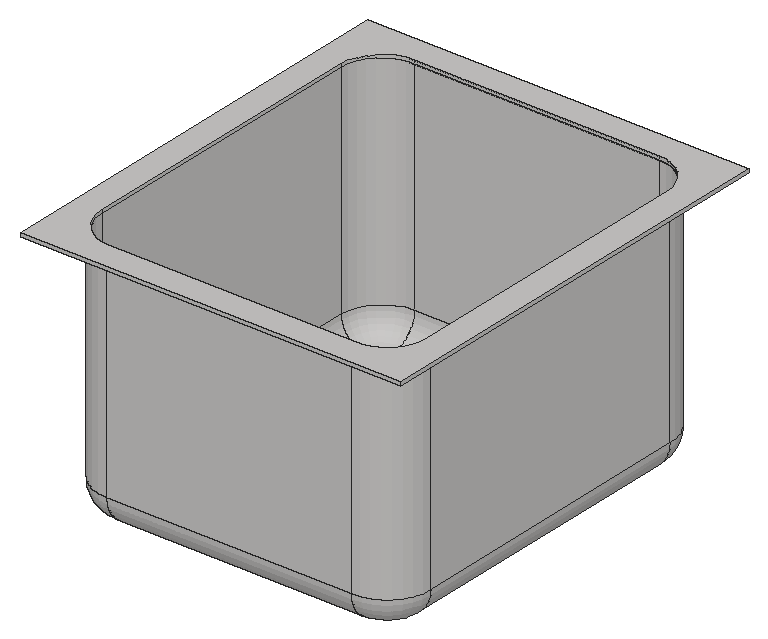
Revit family "QF_Vollrath_12101-1", category Specialty Equipment, Revit 2016
Family settings
  Part Type = Normal
  Round Connector Dimension = Use Diameter
  OmniClass Number = 23.40.40.14.31
  OmniClass Title = Cleaning and Disposal Equipment
  Work Plane-Based = Yes
  Always vertical = Yes
  Cut with Voids When Loaded = No
  Shared = No
  Room Calculation Point = No
Parameters
  Width = 1' - 2"
  Weight in Pounds = 0
  Watermarked By = "http://revitwatermark.com"
  URL Cutsheet = ""
  Status [instance] = ""
  Specification by User [instance] = ""
  Specification by Manufacturer [instance] = ""
  Sink Width = 1' - 0"
  Sink Depth = 1' - 2"
  Sink Basin Depth = 0' - 9 1/4"
  Serial Number [instance] = ""
  Seismic Rating [instance] = ""
  SMACNA No [instance] = ""
  Revision Code [instance] = ""
  NAFEM Spec ID Number [instance] = ""
  Model = "12101-1"
  Masterspec [instance] = ""
  Manufacturer = "Vollrath"
  Item Number [instance] = "-"
  Installed By [instance] = ""
  Indirect Waste Size = 2"
  Indirect Waste Flow [instance] = 0.00 GPM
  Indirect Waste Connection Type [instance] = ""
  Indirect Waste Connection Height [instance] = 0' - 0"
  Furnished By [instance] = ""
  Foodservice Equipment Identifier [instance] = yes
  Description = "Undermount Sink"  # constant formula
  Depth = 1' - 4"
  Default Elevation = 4' - 0"
  CSI MasterFormat = ""
  Assembly Code = ""
Reference planes (in)
  plane 1 "BACK": y = 0
  plane 2 "BOTTOM": z = 0
  plane 3 "LEFT": x = 0
  plane 4 "RIGHT": x = 14
  plane 5 "FRONT": y = -16
  plane 6: x = 7
  plane 7: y = -8
  plane 8: y = -1
  plane 9: y = -15
  plane 10: x = 1
  plane 11: x = 13
  plane 12 "Sink Bottom": z = -9.25
  plane 13: y = -5.6875
Forms (in)
  Sweep 1, solid, material "QF_Finishes_Stainless Steel"
    path origin (0, 0, 0) x (1, 0, 0) y (0, 1, 0)
      loop
        arc (2.5, -1) -> (1.43934, -1.43934) -> (1, -2.5) r 1.5
        line (1, -2.5) -> (1, -13.5)
        arc (1, -13.5) -> (1.43934, -14.56066) -> (2.5, -15) r 1.5
        line (2.5, -15) -> (11.5, -15)
        arc (11.5, -15) -> (12.56066, -14.56066) -> (13, -13.5) r 1.5
        line (13, -13.5) -> (13, -2.5)
        arc (13, -2.5) -> (12.56066, -1.43934) -> (11.5, -1) r 1.5
        line (11.5, -1) -> (2.5, -1)
    profile origin (7, -1, 0) x (0, 1, 0) y (0, 0, 1)
      loop
        line (0, 0) -> (0, -8.125)
        arc (0, -8.125) -> (-0.29289, -8.83211) -> (-1, -9.125) r 1
        line (-1, -9.125) -> (-1, -9.25)
        arc (-1, -9.25) -> (-0.2045, -8.9205) -> (0.125, -8.125) r 1.125
        line (0.125, -8.125) -> (0.125, 0) -> (0, 0)
  Extrusion 2, solid, material "QF_Finishes_Stainless Steel"
    sketch origin (0, 0, 0) x (1, 0, 0) y (0, 1, 0)
      loop
        arc (1, -13.5) -> (1.43934, -14.56066) -> (2.5, -15) r 1.5
        line (2.5, -15) -> (11.5, -15)
        arc (11.5, -15) -> (12.56066, -14.56066) -> (13, -13.5) r 1.5
        line (13, -13.5) -> (13, -2.5)
        arc (13, -2.5) -> (12.56066, -1.43934) -> (11.5, -1) r 1.5
        line (11.5, -1) -> (2.5, -1)
        arc (2.5, -1) -> (1.43934, -1.43934) -> (1, -2.5) r 1.5
        line (1, -2.5) -> (1, -13.5)
      loop
        line (0, -16) -> (14, -16) -> (14, 0) -> (0, 0) -> (0, -16)
    from 0 to 0.125
  Extrusion 3, solid, material "QF_Finishes_Stainless Steel"
    sketch origin (0, 0, -9.25) x (-1, 0, 0) y (0, -1, 0)
      loop
        line (-11.5, 2) -> (-2.5, 2)
        arc (-2.5, 2) -> (-2.14645, 2.14645) -> (-2, 2.5) r 0.5
        line (-2, 2.5) -> (-2, 13.5)
        arc (-2, 13.5) -> (-2.14645, 13.85355) -> (-2.5, 14) r 0.5
        line (-2.5, 14) -> (-11.5, 14)
        arc (-11.5, 14) -> (-11.85355, 13.85355) -> (-12, 13.5) r 0.5
        line (-12, 13.5) -> (-12, 2.5)
        arc (-12, 2.5) -> (-11.85355, 2.14645) -> (-11.5, 2) r 0.5
      loop
        circle (-7, 5.6875) r 1.75
    from 0 to 0.125
Lines and regions (in)
  symbolic lines
    curve 1: line (0, 0, -9.25) -> (14, 0, -9.25)
    curve 2: line (0, -16, -9.25) -> (0, 0, -9.25)
    curve 3: line (14, -16, -9.25) -> (0, -16, -9.25)
    curve 4: line (14, 0, -9.25) -> (14, -16, -9.25)
  symbolic lines, style "QF_Surface Details"
    curve 5: line (11.5, -1, -9.25) -> (2.5, -1, -9.25)
    curve 6: arc (1, -2.5, -9.25) -> (1.43934, -1.43934, -9.25) -> (2.5, -1, -9.25) r 1.5
    curve 7: line (1, -2.5, -9.25) -> (1, -13.5, -9.25)
    curve 8: arc (2.5, -15, -9.25) -> (1.43934, -14.56066, -9.25) -> (1, -13.5, -9.25) r 1.5
    curve 9: line (2.5, -15, -9.25) -> (11.5, -15, -9.25)
    curve 10: arc (13, -13.5, -9.25) -> (12.56066, -14.56066, -9.25) -> (11.5, -15, -9.25) r 1.5
    curve 11: line (13, -13.5, -9.25) -> (13, -2.5, -9.25)
    curve 12: arc (11.5, -1, -9.25) -> (12.56066, -1.43934, -9.25) -> (13, -2.5, -9.25) r 1.5
    curve 13: circle (7, -5.6875, -9.25) r 1.75 normal (0, 0, -1)
Dimensions and locks (in)
  "Width": plane 3 "LEFT" to plane 4 "RIGHT"
  "Depth": plane 5 "FRONT" to plane 1 "BACK"
  "Sink Depth": plane 8 to plane 9
  equal spacing: plane 3 "LEFT", plane 6, plane 4 "RIGHT"
  equal spacing: plane 10, plane 6, plane 11
  "Sink Width": plane 10 to plane 11
  "Sink Basin Depth": level to plane 12 "Sink Bottom"
  level to Sweep 1 sketch curve = 0' - 0"
  locked: Sweep 1 sketch curve to plane 8 at 0.125
  locked: plane 12 "Sink Bottom" to Sweep 1 sketch curve at 0.125
  equal spacing: plane 8, plane 7, plane 9
  plane 1 "BACK" to plane 8 = 0' - 1"
  plane 9 to plane 5 "FRONT" = 0' - 1"
  locked: plane 3 "LEFT" to plane 10 at 1
  plane 11 to plane 4 "RIGHT" = 0' - 1"
  plane 8 to plane 13 = 0' - 4 11/16"
  aligned and locked: level to plane 2 "BOTTOM"
  aligned and locked: Sweep 1 sketch curve to plane 8
  aligned and locked: plane 10 to Sweep 1 sketch curve
  aligned and locked: plane 9 to Sweep 1 sketch curve
  aligned and locked: Sweep 1 sketch curve to plane 11
  aligned and locked: plane 8 to Sweep 1 sketch curve
  aligned and locked: plane 12 "Sink Bottom" to Sweep 1 sketch curve
  aligned and locked: Extrusion 2 sketch curve to Sweep 1  (x4)
  aligned and locked: Extrusion 2 sketch curve to plane 3 "LEFT"
  aligned and locked: plane 5 "FRONT" to Extrusion 2 sketch curve
  aligned and locked: plane 4 "RIGHT" to Extrusion 2 sketch curve
  aligned and locked: Extrusion 2 sketch curve to plane 1 "BACK"
  aligned and locked: Extrusion 3 sketch curve to Sweep 1  (x4)
Automatic sketch dimensions
  plane 10 to Sweep 1 sketch curve = 0' - 1 1/2"  (x2)
  Sweep 1 sketch curve to plane 11 = 0' - 1 1/2"
  Sweep 1 sketch curve to plane 8 = 0' - 1 1/2"
  plane 10 to Extrusion 2 sketch curve = 0' - 1 1/2"
  Extrusion 2 sketch curve to plane 8 = 0' - 1 1/2"
  Extrusion 2 sketch curve to plane 11 = 0' - 1 1/2"  (x2)
  Extrusion 3 sketch curve to plane 6 = 0' - 0"
  Extrusion 3 sketch curve to plane 13 = 0' - 0"
  Extrusion 3 sketch curve to Extrusion 3 sketch curve = 0' - 0 1/2"  (x4)
  plane 1 "BACK" to curve 1 = 0' - 0"
  curve 1 to plane 4 "RIGHT" = 0' - 0"
  curve 11 to plane 11 = 0' - 0"
  curve 10 to plane 9 = 0' - 0"
  curve 12 to plane 8 = 0' - 0"
  curve 13 to plane 6 = 0' - 0"
  curve 7 to plane 10 = 0' - 0"
  curve 2 to plane 3 "LEFT" = 0' - 0"
  curve 13 to plane 13 = 0' - 0"
  plane 5 "FRONT" to curve 3 = 0' - 0"
  curve 12 to plane 8 = 0' - 1 1/2"
  curve 10 to plane 11 = 0' - 1 1/2"
  curve 8 to curve 7 = 0' - 1 1/2"
  plane 10 to curve 5 = 0' - 1 1/2"
  Sweep 1 sketch curve to Sweep 1 sketch curve = 0' - 0"  (x2)
  profile plane to Sweep 1 sketch curve = 0' - 1"
  radius of Extrusion 3 sketch curve = 0' - 1 3/4"
  radius of curve 13 = 0' - 1 3/4"
Connectors (in)
  piping at (7, -5.6875, -9.25), diameter 2, driven by "Indirect Waste Flow"
    settings: on Extrusion 3, index 1, connector inside diameter 2", connector length 0' - 0", flow factor 0, pipe flow 0.00 GPM, pressure drop 0.00 psi, fitting loss kfactor 0, connector angle 0.00°, fixture units 0, engagement length 0' - 0", angle of deflection 0.00°, flow configuration 1, flow direction 2, fitting loss method 0, system type 16, joint type 0, gender type 0, connector reference index -1, connector utility 0, adjustable connector no, is connector primary yes, connector description "IW"
